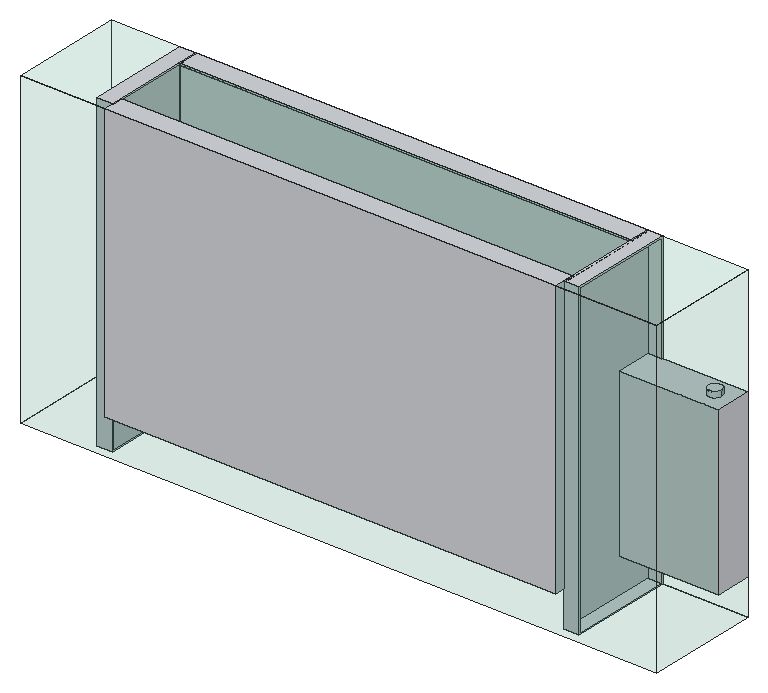
Revit family "EU_VRF_IDU_FLOOR_STANDING_B_Concealed", category Mechanical Equipment, Revit 2015
Parameters (values of type "7.10 kW, 220-240V, FLOOR STANDING(구모델)")
  Voltage [instance] = "220~240 V"
  URL = "www.samsung.com"
  Total Heating Capacity [instance] = 8 kW
  Total Cooling Capacity [instance] = 7.1 kW
  System Served = ""
  Supply Air Connection Width [instance] = 973.919 mm
  Supply Air Connection Offset Bottom [instance] = 138.991 mm
  Supply Air Connection Height [instance] = 861.741 mm
  Subscribe for Update Alerts = ""
  Sound Pressure Middle [instance] = "36.00 dB(A)"
  Sound Pressure Low [instance] = "32.00 dB(A)"
  Sound Pressure High [instance] = "40.00 dB(A)"
  Sound Power Cooling [instance] = "67.00 dB(A)"
  Serial Number = ""
  Sensible Cooling Capacity [instance] = 0 kW
  Sales Rep Locator = ""
  Return Air Connection Width [instance] = 0.00 mm
  Return Air Connection Offset Bottom [instance] = 0.00 mm
  Return Air Connection Height [instance] = 0.00 mm
  Refrigerant Type = "R410A"
  Refrigerant Suction Gas Connection Radius [instance] = if(1 = 1, Refrigerant Suction Gas Connection Diameter / 2, 0.00 mm)  # 7.94 mm
  Refrigerant Suction Gas Connection Offset Left [instance] = 40.40 mm
  Refrigerant Suction Gas Connection Offset Bottom [instance] = 535.00 mm
  Refrigerant Suction Gas Connection Diameter [instance] = 15.88 mm
  Refrigerant Liquid Connection Radius [instance] = if(1 = 1, Refrigerant Liquid Connection Diameter / 2, 0.00 mm)  # 4.76 mm
  Refrigerant Liquid Connection Offset Left [instance] = 154.40 mm
  Refrigerant Liquid Connection Offset Bottom [instance] = 337.246 mm
  Refrigerant Liquid Connection Diameter [instance] = 9.52 mm
  Product Page URL = ""
  Product Documentation Link = ""
  Power Supply [instance] = 50 Hz
  Power Input Heating [instance] = 110 W
  Power Input Cooling [instance] = 110 W
  Power Connection Offset Left [instance] = 35.227 mm
  Power Connection Offset Bottom [instance] = 41.504 mm
  Power Connection Depth [instance] = 34.964 mm
  Phase [instance] = 1
  Panel net Dimensions Width [instance] = 0.00 mm
  Panel net Dimensions Height [instance] = 0.00 mm
  Panel net Dimensions Depth [instance] = 0.00 mm
  Panel Model = ""
  Panel  Net Weight = 0.00 kg
  Number of poles [instance] = ""
  Notes = ""
  Net Dimensions Width [instance] = 1225.00 mm
  Net Dimensions Height [instance] = 600.00 mm
  Net Dimensions Depth [instance] = 220.00 mm
  Model = "AM071FNFDEH/EU"
  Manufacturer = "SAMSUNG"
  Net  Weight = 28.50 kg
  Motor Output = 0 W
  Maximum Rated Over Protection Device [instance] = "Fuse"
  Manufacturer Metadata = ""
  Location = ""
  Heating Leaving Dry Bulb Temperature [instance] = 0 °C
  Heating Entering Dry Bulb Temperature [instance] = 7 °C
  Free Content Downloads = ""
  Family Load Status [instance] = "Valid - Type loaded via type catalog"
  External Static Pressure [instance] = "0.00 mmAq"
  Equipment Finish [instance] = Molded case
  Designation = ""
  Design Heating Air Flow Minimum [instance] = "0.00 CMM"
  Design Heating Air Flow Maximum [instance] = "0.00 CMM"
  Design Cooling Air Flow Minimum [instance] = "11.00 CMM"
  Design Cooling Air Flow Maximum [instance] = "15.50 CMM"
  Design Ambient Winter Wet Bulb Temperature [instance] = 6 °C
  Design Ambient Winter Dry Bulb Temperature [instance] = 7 °C
  Design Ambient Summer Dry Bulb Temperature [instance] = 35 °C
  Decoration Panel Finish [instance] = Ivory
  Current Input Heating [instance] = 0.53 A
  Current Input Cooling [instance] = 0.53 A
  Cooling Leaving Wet Bulb Temperature [instance] = 0 °C
  Cooling Leaving Dry Bulb Temperature [instance] = 0 °C
  Cooling Entering Wet Bulb Temperature [instance] = 27 °C
  Cooling Entering Dry Bulb Temperature [instance] = 35 °C
  Control Box Width = 164.999 mm
  Control Box Height = 319.948 mm
  Control Box Depth = 70.00 mm
  Conduit for power supply & communication wiring [instance] = 25.40 mm
  Condensate Drain Connection Radius [instance] = if(1 = 1, Condensate Drain Connection Diameter / 2, 0.00 mm)  # 9.00 mm
  Condensate Drain Connection Offset left [instance] = 133.016 mm
  Condensate Drain Connection Offset Bottom [instance] = 40.768 mm
  Condensate Drain Connection Diameter [instance] = 18.00 mm
  Clearance Type [instance] = Include Clearance : Include Clearance
  Clearance Offset Top [instance] = 0.00 mm
  Clearance Offset Right [instance] = 0.00 mm
  Clearance Offset Left [instance] = 0.00 mm
  Clearance Offset Front [instance] = 0.00 mm
  Clearance Offset Bottom [instance] = 0.00 mm
  Clearance Offset Back [instance] = 0.00 mm
  Actual Ventilation Air Flow [instance] = "0.00 CMM"
  Actual Supply Air Flow [instance] = "0.00 CMM"
  Actual Return Air Flow [instance] = "0.00 CMM"
  Actual Air Flow Imbalance [instance] = "0.00 CMM"
Types (5, lengths in mm): name | Total Heating Capacity | Total Cooling Capacity | Sound Power Cooling | Refrigerant Suction Gas Connection Radius | Refrigerant Suction Gas Connection Diameter | Refrigerant Liquid Connection Radius | Refrigerant Liquid Connection Diameter | Power Input Heating | Power Input Cooling | Model | Net  Weight | Current Input Heating | Current Input Cooling
  (no name) | 8 kW | 7.1 kW | "67.00 dB(A)" | 7.94 | 15.88 | 4.76 | 9.52 | 110 W | 110 W | "AM071FNFDEH/EU" | 28.50 kg | 0.53 A | 0.53 A
  5.60 kW,  220-240V, FLOOR STANDING(신모델) | 6.3 kW | 5.6 kW | "59.00 dB(A)" | 6.35 | 12.70 | 3.175 | 6.35 | 42 W | 42 W | "AM056MNFDEH/EU" | 27.00 kg | 0.37 A | 0.37 A
  7.10 kW,  220-240V, FLOOR STANDING(신모델) | 8 kW | 7.1 kW | "59.00 dB(A)" | 7.94 | 15.88 | 4.76 | 9.52 | 42 W | 42 W | "AM071MNFDEH/EU" | 27.00 kg | 0.37 A | 0.37 A
  5.60 kW, 220-240V, FLOOR STANDING(구모델) | 6.3 kW | 5.6 kW | "67.00 dB(A)" | 6.35 | 12.70 | 3.175 | 6.35 | 110 W | 110 W | "AM056FNFDEH/EU" | 28.50 kg | 0.53 A | 0.53 A
  7.10 kW, 220-240V, FLOOR STANDING(구모델) | 8 kW | 7.1 kW | "67.00 dB(A)" | 7.94 | 15.88 | 4.76 | 9.52 | 110 W | 110 W | "AM071FNFDEH/EU" | 28.50 kg | 0.53 A | 0.53 A
Reference planes
  plane 1 "Center (Front/Back)": y = 0
  plane 2: z = 0
  plane 3 "Center (Left/Right)": x = 0
  plane 4: x = -612.5
  plane 5: x = 612.5
  plane 6: y = 110
  plane 7: y = -110
  plane 8: z = 600
  plane 9: x = -450.606
  plane 10: x = 418.501
  plane 11: x = 447.501
  plane 12: y = 70
  plane 13: y = -68.99
  plane 14: z = 70
  plane 15: x = -480.606
  plane 16: x = -464.384
  plane 17: x = 509.535
  plane 18: z = 339.948
  plane 19: z = 389.948
  plane 20: y = 39.157
  plane 21: y = 109.157
  plane 22: z = 535
  plane 23: y = 69.6
  plane 24: z = 337.246
  plane 25: y = -44.4
  plane 26: y = -89.018
  plane 27: y = -16.018
  plane 28: x = 577.273
  plane 29: y = 74.193
Forms (mm)
  Extrusion 1, solid
    sketch origin (0, 0, 0) x (1, 0, 0) y (0, 1, 0)
      loop
        line (-450.606, 70) -> (-450.606, -68.99) -> (418.501, -68.99) -> (418.501, 70) -> (-450.606, 70)
    from 70 to 600
  Extrusion 2, solid
    sketch origin (418.501, -68.99, 0) x (0, 1, 0) y (0, 0, 1)
      loop
        line (-21.846, 600) -> (-21.846, 0) -> (178.99, 0) -> (178.99, 600) -> (-21.846, 600)
      loop
        line (-19.846, 2) -> (176.99, 2) -> (176.99, 598) -> (-19.846, 598) -> (-19.846, 2)
    from 0 to 29
  Extrusion 3, solid
    sketch origin (418.501, -68.99, 0) x (0, 1, 0) y (0, 0, 1)
      loop
        line (-19.846, 598) -> (-19.846, 2) -> (176.99, 2) -> (176.99, 598) -> (-19.846, 598)
    from 0 to 2
  Extrusion 4, solid
    sketch origin (-422.56, -68.972, 0) x (0, 1, 0) y (0, 0, -1)
      loop
        line (-19.864, -598) -> (176.972, -598) -> (176.972, -2) -> (-19.864, -2) -> (-19.864, -598)
    from 28.046 to 30.046
  Extrusion 5, solid
    sketch origin (-450.606, 70, 0) x (1, 0, 0) y (0, 0, -1)
      loop
        line (869.107, -600) -> (869.107, -70) -> (0, -70) -> (0, -600) -> (869.107, -600)
      loop
        line (2, -598) -> (867.107, -598) -> (867.107, -72) -> (2, -72) -> (2, -598)
    from 0 to 40
  Extrusion 6, solid
    sketch origin (-450.606, -68.99, 0) x (1, 0, 0) y (0, 0, 1)
      loop
        line (0, 70) -> (869.107, 70) -> (869.107, 600) -> (0, 600) -> (0, 70)
    from 0 to 41.01
  Extrusion 7, void
    sketch origin (0, 0, 0) x (1, 0, 0) y (0, 1, 0)
      loop
        line (-464.384, -68.99) -> (509.535, -68.99) -> (509.535, 70) -> (-464.384, 70) -> (-464.384, -68.99)
    from 339.948 to 600
  Extrusion 8, solid
    sketch origin (-450.606, 70, 0) x (1, 0, 0) y (0, 0, -1)
      loop
        line (2, -72) -> (2, -598) -> (867.107, -598) -> (867.107, -72) -> (2, -72)
    from 0 to 2
  Extrusion 9, solid
    sketch origin (-422.56, -68.972, 0) x (0, 1, 0) y (0, 0, -1)
      loop
        line (-21.864, -600) -> (178.972, -600) -> (178.972, 0) -> (-21.864, 0) -> (-21.864, -600)
      loop
        line (-19.864, -2) -> (-19.864, -598) -> (176.972, -598) -> (176.972, -2) -> (-19.864, -2)
    from 28.046 to 58.046
  Extrusion 10, solid
    sketch origin (420.501, -68.99, 0) x (0, 1, 0) y (0, 0, 1)
      loop
        line (108.147, 389.948) -> (108.147, 70) -> (178.147, 70) -> (178.147, 389.948) -> (108.147, 389.948)
    from 0 to 191.999
  Extrusion 11, solid
    sketch origin (-452.606, -68.972, 0) x (0, 1, 0) y (0, 0, -1)
      loop
        circle (138.572, -535.052) r 7.94
    from 0 to 28
  Extrusion 12, solid
    sketch origin (-452.606, -68.972, 0) x (0, 1, 0) y (0, 0, -1)
      loop
        circle (24.536, -337.298) r 4.76
    from 0 to 28
  Extrusion 13, solid
    sketch origin (-452.606, -68.972, 0) x (0, 1, 0) y (0, 0, -1)
      loop
        line (52.954, -275) -> (-20.046, -275) -> (-20.046, -305) -> (52.954, -305) -> (52.954, -275)
    from 0 to 28
  Extrusion 14, solid
    sketch origin (0, 0, 0) x (1, 0, 0) y (0, 1, 0)
      loop
        circle (-473.989, -54.835) r 9
    from 38.653 to 275
  Extrusion 15, solid
    sketch origin (0, 0, 0) x (1, 0, 0) y (0, 1, 0)
      loop
        circle (577.273, 74.193) r 12.7
    from 389.948 to 399.948
Cuts and joins
  Extrusion 7 cuts Extrusion 1
Dimensions and locks
  equal spacing: plane 4, plane 3 "Center (Left/Right)", plane 5
  "Net Dimensions Width": plane 4 to plane 5
  equal spacing: plane 6, plane 1 "Center (Front/Back)", plane 7
  "Net Dimensions Depth": plane 6 to plane 7
  "Net Dimensions Height": plane 8 to plane 2
  locked: plane 10 to plane 11 at 29
  "Control Box Width": plane 11 to plane 5
  plane 4 to plane 9 = 161.894 mm
  "Supply Air Connection Offset Bottom": plane 12 to plane 13
  locked: plane 14 to plane 2 at 70
  locked: plane 15 to plane 9 at 30
  locked: Extrusion 4 to Extrusion 4 at 2
  locked: Extrusion 3 to Extrusion 3 at 2
  locked: plane 13 to plane 7 at 41.01
  Extrusion 2 to Extrusion 4 = 2.00 mm
  locked: Extrusion 1 to Extrusion 4 at 2
  Extrusion 1 to Extrusion 4 = 19.846 mm
  locked: Extrusion 2 to Extrusion 4 at 2
  plane 10 to plane 17 = 91.034 mm
  "Supply Air Connection Width": plane 16 to plane 17
  "Control Box Height": plane 19 to plane 14
  "Control Box Depth": plane 20 to plane 21
  "Refrigerant Suction Gas Connection Offset Bottom": plane 22 to plane 2
  "Refrigerant Suction Gas Connection Offset Left": plane 6 to plane 23
  "Refrigerant Liquid Connection Offset Bottom": plane 24 to plane 2
  "Refrigerant Liquid Connection Offset Left": plane 6 to plane 25
  "Power Connection Depth": plane 21 to plane 29
  "Power Connection Offset Left": plane 28 to plane 5
  locked: Extrusion 15 to Extrusion 10 at 10
  "Refrigerant Suction Gas Connection Radius": radius of Extrusion 11 sketch curve
  "Refrigerant Liquid Connection Radius": radius of Extrusion 12 sketch curve
  "Condensate Drain Connection Radius": radius of Extrusion 14 sketch curve
  locked: Extrusion 15 sketch curve to Extrusion 15 sketch curve (radius 12.70 mm)
  aligned and locked: plane 2 to level
  aligned and locked: plane 8 to Extrusion 1
  aligned and locked: Extrusion 1 to plane 14
  aligned and locked: Extrusion 3 to Extrusion 1
  aligned and locked: Extrusion 3 to Extrusion 2  (x4)
  aligned and locked: plane 10 to Extrusion 2
  aligned and locked: Extrusion 2 to plane 11
  aligned and locked: Extrusion 1 to Extrusion 4
  aligned and locked: Extrusion 5 to Extrusion 1
  aligned and locked: plane 6 to Extrusion 5
  aligned and locked: Extrusion 6 to Extrusion 1
  aligned and locked: plane 16 to Extrusion 7 sketch curve
  aligned and locked: plane 12 to Extrusion 7 sketch curve
  aligned and locked: Extrusion 7 sketch curve to plane 13
  aligned and locked: Extrusion 7 sketch curve to plane 17
  aligned and locked: plane 8 to Extrusion 7
  aligned and locked: Extrusion 7 to Extrusion 1
  aligned and locked: Extrusion 7 to plane 18
  aligned and locked: Extrusion 8 to cut or joined group of Extrusion 1, Extrusion 7
  aligned and locked: plane 16 to cut or joined group of Extrusion 1, Extrusion 7
  aligned and locked: cut or joined group of Extrusion 1, Extrusion 7 to plane 17
  aligned and locked: cut or joined group of Extrusion 1, Extrusion 7 to plane 12
  aligned and locked: plane 13 to cut or joined group of Extrusion 1, Extrusion 7
  aligned and locked: Extrusion 5 to plane 6  (x2)
  aligned and locked: Extrusion 5 sketch curve to cut or joined group of Extrusion 1, Extrusion 7
  aligned and locked: Extrusion 8 sketch curve to Extrusion 5  (x2)
  aligned and locked: plane 6 to Extrusion 2 sketch curve
  aligned and locked: Extrusion 9 to Extrusion 6
  aligned and locked: plane 15 to Extrusion 9
  aligned and locked: Extrusion 4 to Extrusion 9  (x2)
  aligned and locked: Extrusion 10 sketch curve to plane 19
  aligned and locked: Extrusion 10 sketch curve to plane 20
  aligned and locked: Extrusion 10 sketch curve to plane 21
  aligned and locked: Extrusion 10 sketch curve to plane 14
  aligned and locked: Extrusion 10 to Extrusion 3
  aligned and locked: Extrusion 10 to plane 5
  aligned and locked: Extrusion 11 to Extrusion 4
  aligned and locked: Extrusion 9 to Extrusion 11
  aligned and locked: Extrusion 12 to Extrusion 4
  aligned and locked: Extrusion 9 to Extrusion 12
  aligned and locked: plane 26 to Extrusion 13 sketch curve
  aligned and locked: Extrusion 13 sketch curve to plane 27
  aligned and locked: Extrusion 13 to Extrusion 4
  aligned and locked: Extrusion 14 to Extrusion 13
  aligned and locked: Extrusion 15 to Extrusion 10
  aligned and locked: plane 9 to Extrusion 9
  aligned and locked: plane 9 to cut or joined group of Extrusion 1, Extrusion 7
  aligned and locked: plane 15 to Extrusion 13
  aligned and locked: plane 3 "Center (Left/Right)" to nested 1
  aligned and locked: plane 1 "Center (Front/Back)" to nested 1
  aligned and locked: plane 1 "Center (Front/Back)" to nested 2
  aligned and locked: plane 3 "Center (Left/Right)" to nested 2
Automatic sketch dimensions
  Extrusion 1 sketch curve to plane 9 = 0.00 mm
  Extrusion 1 sketch curve to plane 10 = 0.00 mm
  Extrusion 1 sketch curve to plane 13 = 0.00 mm
  Extrusion 1 sketch curve to plane 12 = 0.00 mm
  Extrusion 1 to Extrusion 2 sketch curve = 0.00 mm
  Extrusion 2 sketch curve to Extrusion 2 sketch curve = 2.00 mm  (x3)
  Extrusion 1 to Extrusion 2 sketch curve = 2.00 mm
  Extrusion 2 sketch curve to Extrusion 1 = 68.00 mm
  Extrusion 1 to Extrusion 3 sketch curve = 2.00 mm
  Extrusion 3 sketch curve to Extrusion 1 = 19.846 mm
  Extrusion 3 sketch curve to Extrusion 1 = 38.00 mm
  Extrusion 3 sketch curve to Extrusion 1 = 68.00 mm
  Extrusion 4 sketch curve to plane 13 = 19.846 mm
  Extrusion 4 sketch curve to plane 6 = 2.00 mm
  Extrusion 4 sketch curve to plane 8 = 2.00 mm
  level to Extrusion 4 sketch curve = 2.00 mm
  Extrusion 5 sketch curve to Extrusion 1 = 0.00 mm  (x3)
  Extrusion 5 sketch curve to Extrusion 1 = 2.00 mm  (x2)
  Extrusion 1 to Extrusion 5 sketch curve = 2.00 mm  (x2)
  Extrusion 6 sketch curve to Extrusion 1 = 0.00 mm  (x4)
  Extrusion 1 to Extrusion 8 sketch curve = 2.00 mm  (x2)
  Extrusion 9 sketch curve to level = 0.00 mm
  Extrusion 9 sketch curve to plane 8 = 0.00 mm
  Extrusion 9 sketch curve to plane 6 = 0.00 mm
  Extrusion 9 sketch curve to plane 6 = 2.00 mm
  level to Extrusion 9 sketch curve = 2.00 mm
  Extrusion 9 sketch curve to plane 13 = 19.846 mm
  Extrusion 9 sketch curve to Extrusion 9 sketch curve = 2.00 mm
  Extrusion 9 sketch curve to plane 8 = 2.00 mm
  Extrusion 2 sketch curve to Extrusion 1 = 19.846 mm
  Extrusion 13 sketch curve to Extrusion 4 = 293.00 mm
  Extrusion 13 sketch curve to Extrusion 13 sketch curve = 30.00 mm
  Extrusion 14 sketch curve to plane 15 = 6.617 mm
  Extrusion 14 sketch curve to plane 25 = 10.435 mm
  Extrusion 15 sketch curve to plane 28 = 0.00 mm
  Extrusion 15 sketch curve to plane 29 = 0.00 mm
  Extrusion 11 sketch curve to Extrusion 4 = 38.40 mm
  Extrusion 11 sketch curve to Extrusion 4 = 62.948 mm
  Extrusion 12 sketch curve to Extrusion 4 = 44.40 mm
  Extrusion 12 sketch curve to Extrusion 4 = 260.702 mm
Nested families
  nested 1: "Include Clearance" at (0, 0, 0), type <- "Clearance Type", type "Include Clearance"
    with Equipment Finish none, Width 220.00 mm, Length 1225.00 mm, Height 600.00 mm
  nested 2: "Do not Include Clearance" at (0, 0, 0), type "Do not Include Clearance"
    with Equipment Finish Default, Width 1225.00 mm, Height 600.00 mm, Depth 220.00 mm
Connectors
  piping at (-480.606, 69.6, 535.052), diameter 15.88, driven by "Refrigerant Suction Gas Connection Radius"
    settings: on Extrusion 11, index 1, connector inside diameter 1/2", connector length 0.00 mm, flow factor 0, pipe flow 0 GPM, pressure drop 0.00 psi, fitting loss kfactor 0, connector angle 0.00°, fixture units 0, engagement length 0.00 mm, angle of deflection 0.00°, flow configuration 0, flow direction 0, fitting loss method 0, system type 7, joint type 0, gender type 0, connector reference index -1, connector utility 0, adjustable connector no, is connector primary yes, connector description ""
  piping at (-480.606, -44.436, 337.298), diameter 9.52, driven by "Refrigerant Liquid Connection Radius"
    settings: on Extrusion 12, index 2, connector inside diameter 1/4", connector length 0.00 mm, flow factor 0, pipe flow 0 GPM, pressure drop 0.00 psi, fitting loss kfactor 0, connector angle 0.00°, fixture units 0, engagement length 0.00 mm, angle of deflection 0.00°, flow configuration 0, flow direction 0, fitting loss method 0, system type 7, joint type 0, gender type 0, connector reference index -1, connector utility 0, adjustable connector no, is connector primary no, connector description ""
  piping at (-473.989, -54.835, 38.653), diameter 18, driven by "Condensate Drain Connection Radius"
    settings: on Extrusion 14, index 3, connector inside diameter 0.71", connector length 0.00 mm, flow factor 0, pipe flow 0 GPM, pressure drop 0.00 psi, fitting loss kfactor 0, connector angle 0.00°, fixture units 0, engagement length 0.00 mm, angle of deflection 0.00°, flow configuration 0, flow direction 0, fitting loss method 0, system type 7, joint type 0, gender type 0, connector reference index -1, connector utility 0, adjustable connector no, is connector primary no, connector description ""
  hvac at (-16.053, 0.505, 339.948), driven by "Supply Air Connection Offset Bottom", driven by "Supply Air Connection Width"
    settings: on cut or joined group of Extrusion 1, Extrusion 7, index 4, duct flow 0.000 CFM, flow factor 0, pres drop 0.00 in-wg, loss coef 0, conn angle 0.00°, conn width 973.919 mm, conn height 138.991 mm, conn diameter 609.6 mm, duct sys type 3, conn prof type 1, flow config 0, flow direction 0, loss method 0, conn ref index -1, conn util no, is conn primary yes, conn desc ""
  electrical at (577.273, 74.193, 399.948)
    settings: on Extrusion 15, index 5, voltage 0 V, apparent load 0 VA, apparent load phase1 0 VA, apparent load phase2 0 VA, apparent load phase3 0 VA, power factor 1, load classification "Other", number of poles 1, system type 31, power factor state 1, is connector primary yes, connector utility no, sub classification motor no, connector description ""
Definition of nested family "Include Clearance"
  Parameters (values of type "Include Clearance")
    Width = 700.00 mm
    URL = ""
    Manufacturer = ""
    Length = 1200.00 mm
    Height = 250.00 mm
    Equipment Finish [instance] = none
    Copyright © = ""
    Clearance Offset Top = 0.00 mm
    Clearance Offset Right = 0.00 mm
    Clearance Offset Left = 0.00 mm
    Clearance Offset Front = 0.00 mm
    Clearance Offset Bottom = 0.00 mm
    Clearance Offset Back = 0.00 mm
    Assembly Code = ""
  Reference planes
    plane 1 "Center (Front/Back)": y = 0
    plane 2 "Bottom": z = 0
    plane 3 "Center (Left/Right)": x = 0
    plane 4 "Left": x = -600
    plane 5 "Back": y = 350
    plane 6 "Right": x = 600
    plane 7 "Front": y = -350
    plane 8 "Top": z = 250
    plane 9 "Clearance Offset Right": x = 600
    plane 10 "Clearance Offset Left": x = -600
    plane 11 "Clearance Offset Back": y = 350
    plane 12 "Clearance Offset Front": y = -350
    plane 13 "Clearance Offset Top": z = 250
    plane 14: z = 0
  Forms (mm)
    Extrusion 1, solid
      sketch origin (0, 0, 0) x (1, 0, 0) y (0, 1, 0)
        loop
          line (-600, 350) -> (-600, -350) -> (600, -350) -> (600, 350) -> (-600, 350)
      from 0 to 250
  Lines and regions (mm)
    symbolic lines
      curve 1: line (-600, 0, 250) -> (600, 0, 250)
      curve 2: line (-600, 0, 0) -> (-600, 0, 250)
      curve 3: line (600, 0, 0) -> (-600, 0, 0)
      curve 4: line (600, 0, 250) -> (600, 0, 0)
      curve 5: line (0, 350, 250) -> (0, -350, 250)
      curve 6: line (0, 350, 0) -> (0, 350, 250)
      curve 7: line (0, -350, 0) -> (0, 350, 0)
      curve 8: line (0, -350, 250) -> (0, -350, 0)
      curve 9: line (-600, 350, 0) -> (600, 350, 0)
      curve 10: line (-600, -350, 0) -> (-600, 350, 0)
      curve 11: line (600, -350, 0) -> (-600, -350, 0)
      curve 12: line (600, 350, 0) -> (600, -350, 0)
  Text (mm)
    text "Copyright © Daikin Industries, Ltd. 2008" at (0.011, 0.009, 0), in view "Ref. Level"
  Dimensions and locks
    equal spacing: plane 4 "Left", plane 3 "Center (Left/Right)", plane 6 "Right"
    "Length": plane 4 "Left" to plane 6 "Right"
    equal spacing: plane 5 "Back", plane 1 "Center (Front/Back)", plane 7 "Front"
    "Width": plane 5 "Back" to plane 7 "Front"
    "Height": plane 8 "Top" to plane 2 "Bottom"
    "Clearance Offset Front": plane 12 "Clearance Offset Front" to plane 7 "Front"
    "Clearance Offset Back": plane 11 "Clearance Offset Back" to plane 5 "Back"
    "Clearance Offset Left": plane 10 "Clearance Offset Left" to plane 4 "Left"
    "Clearance Offset Right": plane 6 "Right" to plane 9 "Clearance Offset Right"
    "Clearance Offset Top": plane 13 "Clearance Offset Top" to plane 8 "Top"
    curve 3 to plane 14 = 0.00 mm
    "Clearance Offset Bottom": plane 2 "Bottom" to plane 14
    aligned and locked: plane 2 "Bottom" to level
    aligned and locked: plane 9 "Clearance Offset Right" to Extrusion 1 sketch curve
    aligned and locked: Extrusion 1 sketch curve to plane 11 "Clearance Offset Back"
    aligned and locked: plane 10 "Clearance Offset Left" to Extrusion 1 sketch curve
    aligned and locked: Extrusion 1 sketch curve to plane 12 "Clearance Offset Front"
    aligned and locked: curve 9 to Extrusion 1  (x2)
    aligned and locked: Extrusion 1 to curve 12
    aligned and locked: curve 12 to Extrusion 1
    aligned and locked: plane 13 "Clearance Offset Top" to Extrusion 1
    aligned and locked: Extrusion 1 to plane 14
    aligned and locked: Extrusion 1 to plane 10 "Clearance Offset Left"
    aligned and locked: Extrusion 1 to plane 9 "Clearance Offset Right"  (x2)
    aligned and locked: Extrusion 1 to plane 13 "Clearance Offset Top"  (x2)
    aligned and locked: plane 14 to Extrusion 1  (x2)
    aligned and locked: curve 1 to plane 13 "Clearance Offset Top"
    aligned and locked: plane 9 "Clearance Offset Right" to curve 4
    aligned and locked: plane 10 "Clearance Offset Left" to curve 2
    aligned and locked: plane 14 to curve 3
    aligned and locked: plane 10 "Clearance Offset Left" to Extrusion 1  (x2)
    aligned and locked: curve 8 to plane 12 "Clearance Offset Front"
    aligned and locked: curve 5 to plane 13 "Clearance Offset Top"
    aligned and locked: curve 6 to plane 11 "Clearance Offset Back"
    aligned and locked: plane 14 to curve 7
Definition of nested family "Do not Include Clearance"
  Parameters (values of type "Do not Include Clearance")
    Width = 826.00 mm
    URL = ""
    Manufacturer = ""
    Height = 261.00 mm
    Equipment Finish [instance] = none
    Depth = 261.00 mm
    Copyright © = ""
    Clearance Offset Top = 0.00 mm
    Clearance Offset Right = 0.00 mm
    Clearance Offset Left = 0.00 mm
    Clearance Offset Front = 0.00 mm
    Clearance Offset Bottom = 0.00 mm
    Clearance Offset Back = 0.00 mm
    Assembly Code = ""
  Reference planes
    plane 1 "Center (Front/Back)": y = 0
    plane 2 "Bottom": z = 0
    plane 3 "Center (Left/Right)": x = 0
    plane 4 "Left": x = -413
    plane 5 "Back": y = 130.5
    plane 6 "Right": x = 413
    plane 7 "Front": y = -130.5
    plane 8 "Top": z = 261
    plane 9 "Clearance Offset Right": x = 413
    plane 10 "Clearance Offset Left": x = -413
    plane 11 "Clearance Offset Back": y = 130.5
    plane 12 "Clearance Offset Front": y = -130.5
    plane 13 "Clearance Offset Top": z = 261
    plane 14: z = 0
  Lines and regions (mm)
    symbolic lines
      curve 1: line (-413, 0, 261) -> (413, 0, 261)
      curve 2: line (-413, 0, 0) -> (-413, 0, 261)
      curve 3: line (413, 0, 0) -> (-413, 0, 0)
      curve 4: line (413, 0, 261) -> (413, 0, 0)
      curve 5: line (0, 130.5, 261) -> (0, -130.5, 261)
      curve 6: line (0, 130.5, 0) -> (0, 130.5, 261)
      curve 7: line (0, -130.5, 0) -> (0, 130.5, 0)
      curve 8: line (0, -130.5, 261) -> (0, -130.5, 0)
      curve 9: line (-413, 130.5, 0) -> (413, 130.5, 0)
      curve 10: line (-413, -130.5, 0) -> (-413, 130.5, 0)
      curve 11: line (413, -130.5, 0) -> (-413, -130.5, 0)
      curve 12: line (413, 130.5, 0) -> (413, -130.5, 0)
  Text (mm)
    text "Copyright © Daikin Industries, Ltd. 2008" at (0.011, 0.009, 0), in view "Ref. Level"
  Dimensions and locks
    equal spacing: plane 4 "Left", plane 3 "Center (Left/Right)", plane 6 "Right"
    "Width": plane 4 "Left" to plane 6 "Right"
    equal spacing: plane 5 "Back", plane 1 "Center (Front/Back)", plane 7 "Front"
    "Depth": plane 5 "Back" to plane 7 "Front"
    "Height": plane 8 "Top" to plane 2 "Bottom"
    "Clearance Offset Front": plane 12 "Clearance Offset Front" to plane 7 "Front"
    "Clearance Offset Back": plane 11 "Clearance Offset Back" to plane 5 "Back"
    "Clearance Offset Left": plane 10 "Clearance Offset Left" to plane 4 "Left"
    "Clearance Offset Right": plane 6 "Right" to plane 9 "Clearance Offset Right"
    "Clearance Offset Top": plane 13 "Clearance Offset Top" to plane 8 "Top"
    curve 3 to plane 14 = 0.00 mm
    "Clearance Offset Bottom": plane 2 "Bottom" to plane 14
    aligned and locked: plane 2 "Bottom" to level
    aligned and locked: curve 1 to plane 13 "Clearance Offset Top"
    aligned and locked: plane 9 "Clearance Offset Right" to curve 4
    aligned and locked: plane 10 "Clearance Offset Left" to curve 2
    aligned and locked: plane 14 to curve 3
    aligned and locked: curve 8 to plane 12 "Clearance Offset Front"
    aligned and locked: curve 5 to plane 13 "Clearance Offset Top"
    aligned and locked: curve 6 to plane 11 "Clearance Offset Back"
    aligned and locked: plane 14 to curve 7
  Automatic sketch dimensions
    plane 7 "Front" to curve 11 = 0.00 mm
    curve 11 to plane 10 "Clearance Offset Left" = 0.00 mm
    curve 11 to plane 9 "Clearance Offset Right" = 0.00 mm
    curve 10 to plane 5 "Back" = 0.00 mm
